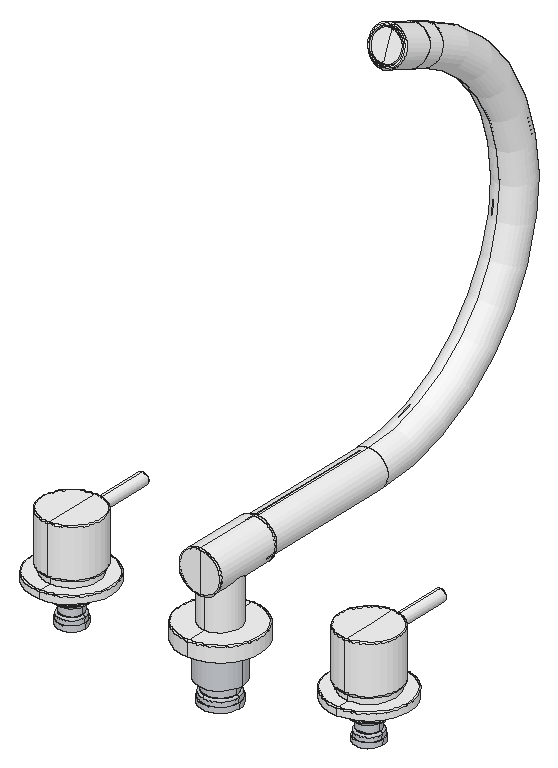
Revit family "Reece_Tap_Sussex_Scala_Curved_Wall Spa Set", category Plumbing Fixtures, host Face, Revit 2018
Family settings
  Host = Face
  Round Connector Dimension = Use Diameter
  Part Type = Normal
  Cut with Voids When Loaded = No
  Shared = Yes
  Room Calculation Point = Yes
Parameters (values of type "295 mm_Chrome")
  WFU = 0  # constant formula
  URL = "https://www.reece.com.au/product/-2261420"
  Type Comments = "Tap"
  Reece_Tap_Reach = 295 mm  # constant formula
  Reece_Tap_Inlet = 12 mm  # constant formula
  Reece_Tap_Height = 260 mm  # constant formula
  Reece_Tap_Handle_Vertical_Offset [instance] = 0 mm
  Reece_Tap_Handle_Spacing [instance] = if(Reece_Tap_Axis Distance < 70 mm, 70 mm, if(Reece_Tap_Axis Distance > 70 mm, Reece_Tap_Axis Distance, Reece_Tap_Axis Distance))  # 100 mm
  Reece_Tap_Handle_Height = 43 mm  # constant formula
  Reece_Tap_Clearance = 140 mm  # constant formula
  Reece_Tap_Axis Distance [instance] = 100 mm
  Reece_Product_Web Page = "https://www.reece.com.au/product/-2261420"
  Reece_Product_Type = "Tap"  # constant formula
  Reece_Product_Sub Brand = "Scala"  # constant formula
  Reece_Product_Number = "2261420"
  Reece_Product_Mount = "Wall Mounted"
  Reece_Product_Description = "Sussex Scala Wall Spa Set Curved Chrome"
  Reece_Product_Brand = "Sussex"  # constant formula
  Reece_Overall_Height = 287 mm  # constant formula
  Reece_Material_Main = Reece_Brass_Chrome
  Reece_Detail_Shape = "Curved"  # constant formula
  Reece_Detail_Disclaimer = "THIS FILE IS THE PROPERTY OF THE REECE GROUP. IT MAY NOT BE REPRODUCED, REVERSE-ENGINEERED OR MODIFIED. ANY REPUBLICATION, TRANSMISSION OR DISTRIBUTION FOR THE PURPOSE OF COMMERCIALLY EXPLOITING THE FILES IS PROHIBITED."  # constant formula
  Reece_Detail_Additional = "Wall Spa Set"  # constant formula
  Reece_Backplate_Thickness = 5 mm  # constant formula
  Model = "Scala"
  Manufacturer = "Sussex"
  Keynote = "Product #2261420, Reece_Tap_Sussex_Scala_Curved_Wall Spa Set - 295 mm_Chrome"
  HWFU = 0  # constant formula
  Disclaimer = "THIS FILE IS THE PROPERTY OF THE REECE GROUP. IT MAY NOT BE REPRODUCED, REVERSE-ENGINEERED OR MODIFIED. ANY REPUBLICATION, TRANSMISSION OR DISTRIBUTION FOR THE PURPOSE OF COMMERCIALLY EXPLOITING THE FILES IS PROHIBITED."  # constant formula
  Description = "Scala Wall Spa Set Curved Chrome"
  Default Elevation = 1000 mm
  CWFU = 0  # constant formula
Types (2, lengths in mm): name | URL | Reece_Product_Web Page | Reece_Product_Number | Reece_Product_Description | Reece_Material_Main | Keynote | Description
  295 mm_PVD Brushed Platinum Gold | "https://www.reece.com.au/product/-2268285" | "https://www.reece.com.au/product/-2268285" | "2268285" | "Sussex Scala Wall Spa Set Curved LUX PVD Brushed Platinum Gold" | Reece_PVD_Brushed_Platinum Gold | "Product #2268285, Reece_Tap_Sussex_Scala_Curved_Wall Spa Set - 295 mm_PVD Brushed Platinum Gold" | "Scala Wall Spa Set Curved LUX PVD Brushed Platinum Gold"
  295 mm_Chrome | "https://www.reece.com.au/product/-2261420" | "https://www.reece.com.au/product/-2261420" | "2261420" | "Sussex Scala Wall Spa Set Curved Chrome" | Reece_Brass_Chrome | "Product #2261420, Reece_Tap_Sussex_Scala_Curved_Wall Spa Set - 295 mm_Chrome" | "Scala Wall Spa Set Curved Chrome"
Reference planes
  plane 1 "Center (Front/Back)": y = 0
  plane 2 "Bottom": z = 0
  plane 3 "Center (Left/Right)": x = 0
  plane 4: x = 100
  plane 5: x = -100
  plane 6: z = 43
  plane 7: x = -73
  plane 8: x = -127
  plane 9: y = 60
  plane 10: x = -27
  plane 11: x = 27
  plane 12: x = -16
  plane 13: x = 16
  plane 14: z = 47
  plane 15: y = 260
  plane 16: y = -27
  plane 17: z = 295
  plane 18: y = 140
  plane 19: y = 0
  plane 20: z = 5
Forms (mm)
  Revolve 1, solid, material "Reece_Brass_Chrome" <- "Reece_Material_Main"
    sketch origin (0, 0, 0) x (0, 1, 0) y (0, 0, 1)
      loop
        line (0, 0) -> (0, 47) -> (-12.7, 47) -> (-12.7, 10) -> (-26.4, 10)
        arc (-26.4, 10) -> (-26.824, 9.824) -> (-27, 9.4) r 0.6
        line (-27, 9.4) -> (-27, 0) -> (0, 0)
      axis (0, 47) -> (0, 0)
    angle from 0 to 360
  Revolve 2, solid
    sketch origin (28.901, 0, 1219.2) x (1, 0, 0) y (0, 0, 1)
      loop
        line (-130.291, -1249.229) -> (-128.901, -1249.229) -> (-128.901, -1219.2) -> (-140.374, -1219.2) -> (-140.374, -1222.813) -> (-139.398, -1223.187) -> (-139.398, -1223.987) -> (-140.37, -1224.549) -> (-139.398, -1225.023) -> (-139.398, -1225.823) -> (-140.359, -1226.378) -> (-139.398, -1226.846) -> (-139.398, -1227.646) -> (-140.366, -1228.205) -> (-139.398, -1228.616) -> (-139.398, -1229.416) -> (-140.275, -1229.923) -> (-139.166, -1231.032) -> (-136.181, -1231.032) -> (-136.181, -1237.729) -> (-135.615, -1238.294) -> (-136.415, -1238.294)
        arc (-136.415, -1238.294) -> (-137.255, -1238.642) -> (-137.603, -1239.482) r 1.188
        line (-137.603, -1239.482) -> (-137.603, -1242.245) -> (-138.403, -1242.245) -> (-138.403, -1245.49) -> (-132.464, -1245.49) -> (-130.291, -1249.229)
      axis (-128.901, -1219.2) -> (-128.901, -1249.229)
    angle from 0 to 360
  Revolve 3, solid
    sketch origin (168.901, 0, 1219.2) x (1, 0, 0) y (0, 0, 1)
      loop
        line (-70.291, -1249.229) -> (-68.901, -1249.229) -> (-68.901, -1219.2) -> (-80.374, -1219.2) -> (-80.374, -1222.813) -> (-79.398, -1223.187) -> (-79.398, -1223.987) -> (-80.37, -1224.549) -> (-79.398, -1225.023) -> (-79.398, -1225.823) -> (-80.359, -1226.378) -> (-79.398, -1226.846) -> (-79.398, -1227.646) -> (-80.366, -1228.205) -> (-79.398, -1228.616) -> (-79.398, -1229.416) -> (-80.275, -1229.923) -> (-79.166, -1231.032) -> (-76.181, -1231.032) -> (-76.181, -1237.729) -> (-75.615, -1238.294) -> (-76.415, -1238.294)
        arc (-76.415, -1238.294) -> (-77.255, -1238.642) -> (-77.603, -1239.482) r 1.188
        line (-77.603, -1239.482) -> (-77.603, -1242.245) -> (-78.403, -1242.245) -> (-78.403, -1245.49) -> (-72.464, -1245.49) -> (-70.291, -1249.229)
      axis (-68.901, -1219.2) -> (-68.901, -1249.229)
    angle from 0 to 360
  Revolve 4, void
    sketch origin (100, 0, 0) x (1, 0, 0) y (0, 0, 1)
      loop
        line (-100, 0) -> (-100, -25) -> (-81.5, -25) -> (-81.5, 0) -> (-100, 0)
      axis (-100, 0) -> (-100, -25)
    angle from 0 to 360
  Revolve 5, solid
    sketch origin (128.901, 0, 1219.2) x (1, 0, 0) y (0, 0, 1)
      loop
        line (-130.291, -1261.136) -> (-128.901, -1261.136) -> (-128.901, -1219.2) -> (-143.874, -1219.2) -> (-143.874, -1242.939) -> (-139.681, -1242.939) -> (-139.681, -1249.636) -> (-139.115, -1250.202) -> (-139.915, -1250.202)
        arc (-139.915, -1250.202) -> (-140.755, -1250.55) -> (-141.103, -1251.39) r 1.188
        line (-141.103, -1251.39) -> (-141.103, -1254.152) -> (-141.903, -1254.152) -> (-141.903, -1257.398) -> (-132.464, -1257.398) -> (-130.291, -1261.136)
      axis (-128.901, -1219.2) -> (-128.901, -1261.136)
    angle from 0 to 360
  Extrusion 6, void
    sketch origin (0, 60, 0) x (1, 0, 0) y (0, 1, 0)
      loop
        circle (-100, -60.278) r 15
    from -46.469 to 0
  Extrusion 7, void
    sketch origin (0, -20, 0) x (-1, 0, 0) y (0, -1, 0)
      loop
        circle (-100, -20) r 15
    from -46.469 to 0
  Revolve 8, solid, material "Reece_Brass_Chrome" <- "Reece_Material_Main"
    sketch origin (0, 0, 0) x (0, 1, 0) y (0, 0, 1)
      loop
        line (28.3, 47) -> (31.1, 47) -> (31.1, 59.541)
        arc (31.1, 59.541) -> (29.902, 60.684) -> (28.3, 61.1) r 3.294
        line (28.3, 61.1) -> (-16.7, 61.1)
        arc (-16.7, 61.1) -> (-17.054, 60.954) -> (-17.2, 60.6) r 0.5
        line (-17.2, 60.6) -> (-17.2, 47) -> (28.3, 47)
      axis (31.1, 47) -> (-17.2, 47)
    angle from 0 to 360
  Sweep 9, solid, material "Reece_Brass_Chrome" <- "Reece_Material_Main"
    path origin (0, -13.906, 0) x (0, 1, 0) y (0, 0, 1)
      loop
        line (28.3, 47) -> (139.02, 47)
        arc (139.02, 47) -> (258.975, 145.883) -> (184.797, 282.502) r 122.2
        line (184.797, 282.502) -> (174.035, 286.85)
    profile origin (0, 69.754, 47) x (0, 0, 1) y (1, 0, 0)
      loop
        circle (0, 0) r 12.5
      loop
        circle (0, 0) r 10.5
  Revolve 10, solid, material "Reece_Brass_Chrome" <- "Reece_Material_Main"
    sketch origin (0, -62.176, 121.054) x (0, 0.927184, -0.374607) y (0, 0.374607, 0.927184)
      loop
        line (144.834, 237) -> (144.834, 248.719) -> (143.3, 248.719) -> (143.3, 249.5) -> (122.8, 249.5)
        arc (122.8, 249.5) -> (122.446, 249.354) -> (122.3, 249) r 0.5
        line (122.3, 249) -> (122.3, 248) -> (123.488, 248) -> (123.488, 247.15) -> (122.3, 246.94) -> (122.3, 237) -> (144.834, 237)
      axis (144.834, 237) -> (122.3, 237)
    angle from 0 to 360
Cuts and joins
  joined: Revolve 1, Revolve 8
  Revolve 4, Extrusion 7 cuts Revolve 2
Text (mm)
  text "Reece Copyright © 2018, Reece Ltd." at (-168.326, -191.773, 0), in view "Ref. Level"
  text "Reece ©" at (44.384, 258.95, 192.345), in view "Reece Preview"
Dimensions and locks
  equal spacing: plane 5, plane 3 "Center (Left/Right)", plane 4
  plane 5 to plane 4 = 200 mm
  "Reece_Tap_Handle_Height": plane 6 to plane 2 "Bottom"
  plane 6 to host face = 43 mm
  plane 8 to plane 7 = 54 mm
  equal spacing: plane 8, plane 5, plane 7
  plane 10 to plane 11 = 54 mm
  "Reece_Tap_Axis Distance": plane 5 to plane 3 "Center (Left/Right)"
  "Reece_Tap_Axis Distance": plane 3 "Center (Left/Right)" to plane 4
  plane 12 to plane 13 = 32 mm
  "Reece_Tap_Height": plane 15 to plane 1 "Center (Front/Back)"
  "Reece_Tap_Reach": plane 17 to plane 2 "Bottom"
  "Reece_Tap_Clearance": plane 18 to plane 1 "Center (Front/Back)"
  "Reece_Overall_Height": plane 15 to plane 16
  "Reece_Tap_Handle_Vertical_Offset": plane 1 "Center (Front/Back)" to plane 19
  "Reece_Backplate_Thickness": plane 20 to plane 2 "Bottom"
  aligned and locked: plane 2 "Bottom" to host face
  aligned and locked: level to host face
  aligned and locked: nested 1 to plane 5
  aligned and locked: plane 4 to nested 2  (x2)
  aligned and locked: plane 5 to Revolve 2 sketch curve
  aligned and locked: Revolve 3 sketch curve to plane 4
  aligned and locked: nested 1 to plane 19
  aligned and locked: nested 2 to plane 19
  aligned and locked: plane 19 to cut or joined group of Revolve 2, Revolve 4, Extrusion 7
  aligned and locked: plane 19 to Revolve 3
Automatic sketch dimensions
  host sketch curve to host sketch curve = 377.667 mm
  host sketch curve to host sketch curve = 290.188 mm
  level to Revolve 1 sketch curve = 0 mm
  Revolve 1 sketch curve to plane 16 = 0 mm
  Revolve 1 sketch curve to plane 14 = 0 mm
  Revolve 1 sketch curve to plane 1 "Center (Front/Back)" = 0 mm  (x2)
  Revolve 1 sketch curve to Revolve 1 sketch curve = 0.6 mm
  plane 1 "Center (Front/Back)" to Revolve 1 sketch curve = 12.7 mm
  Revolve 1 sketch curve to Revolve 1 sketch curve = 9.4 mm
  Revolve 1 sketch curve to level = 12.434 mm
  Revolve 1 sketch curve to Revolve 1 sketch curve = 2.566 mm
  Revolve 2 sketch curve to level = 0 mm
  plane 5 to Revolve 2 sketch curve = 0 mm
  plane 5 to Revolve 2 sketch curve = 1.39 mm
  plane 5 to Revolve 2 sketch curve = 3.563 mm
  plane 5 to Revolve 2 sketch curve = 6.714 mm
  plane 5 to Revolve 2 sketch curve = 7.28 mm
  Revolve 2 sketch curve to Revolve 2 sketch curve = 0.8 mm  (x6)
  Revolve 2 sketch curve to Revolve 2 sketch curve = 1.188 mm
  Revolve 2 sketch curve to Revolve 2 sketch curve = 2.986 mm
  Revolve 2 sketch curve to Revolve 2 sketch curve = 0.231 mm  (x2)
  Revolve 2 sketch curve to Revolve 2 sketch curve = 0 mm  (x2)
  Revolve 2 sketch curve to level = 3.987 mm
  Revolve 2 sketch curve to Revolve 2 sketch curve = 0.878 mm
  Revolve 2 sketch curve to Revolve 2 sketch curve = 0.961 mm
  Revolve 2 sketch curve to Revolve 2 sketch curve = 0.968 mm
  Revolve 2 sketch curve to level = 5.349 mm
  Revolve 2 sketch curve to Revolve 2 sketch curve = 0.972 mm
  Revolve 2 sketch curve to level = 3.612 mm
  Revolve 2 sketch curve to Revolve 2 sketch curve = 0.977 mm
  Revolve 2 sketch curve to Revolve 2 sketch curve = 0.474 mm
  Revolve 2 sketch curve to Revolve 2 sketch curve = 0.555 mm
  Revolve 2 sketch curve to Revolve 2 sketch curve = 1.023 mm
  Revolve 2 sketch curve to Revolve 2 sketch curve = 0.559 mm
  Revolve 2 sketch curve to Revolve 2 sketch curve = 0.97 mm
  Revolve 2 sketch curve to Revolve 2 sketch curve = 0.507 mm
  Revolve 2 sketch curve to Revolve 2 sketch curve = 1.615 mm
  Revolve 2 sketch curve to Revolve 2 sketch curve = 6.697 mm
  Revolve 2 sketch curve to Revolve 2 sketch curve = 0.566 mm
  Revolve 2 sketch curve to Revolve 2 sketch curve = 2.762 mm
  Revolve 2 sketch curve to Revolve 2 sketch curve = 3.246 mm
  Revolve 2 sketch curve to Revolve 2 sketch curve = 3.739 mm
  Revolve 2 sketch curve to Revolve 2 sketch curve = 7.488 mm
  level to Revolve 2 sketch curve = 8.93 mm
  Revolve 3 sketch curve to level = 0 mm
  plane 4 to Revolve 3 sketch curve = 0 mm
  Revolve 3 sketch curve to Revolve 3 sketch curve = 1.39 mm
  Revolve 3 sketch curve to plane 4 = 3.563 mm
  Revolve 3 sketch curve to plane 4 = 6.714 mm
  Revolve 3 sketch curve to plane 4 = 7.28 mm
  Revolve 3 sketch curve to Revolve 3 sketch curve = 0.8 mm  (x6)
  Revolve 3 sketch curve to Revolve 3 sketch curve = 1.188 mm
  Revolve 3 sketch curve to Revolve 3 sketch curve = 2.986 mm
  Revolve 3 sketch curve to Revolve 3 sketch curve = 0.231 mm  (x2)
  Revolve 3 sketch curve to Revolve 3 sketch curve = 0 mm  (x2)
  Revolve 3 sketch curve to level = 3.987 mm
  Revolve 3 sketch curve to Revolve 3 sketch curve = 0.878 mm
  Revolve 3 sketch curve to Revolve 3 sketch curve = 0.961 mm
  Revolve 3 sketch curve to Revolve 3 sketch curve = 0.968 mm
  Revolve 3 sketch curve to level = 5.349 mm
  Revolve 3 sketch curve to Revolve 3 sketch curve = 0.972 mm
  Revolve 3 sketch curve to level = 3.612 mm
  Revolve 3 sketch curve to Revolve 3 sketch curve = 0.977 mm
  Revolve 3 sketch curve to Revolve 3 sketch curve = 0.474 mm
  Revolve 3 sketch curve to Revolve 3 sketch curve = 0.555 mm
  Revolve 3 sketch curve to Revolve 3 sketch curve = 1.023 mm
  Revolve 3 sketch curve to Revolve 3 sketch curve = 0.559 mm
  Revolve 3 sketch curve to Revolve 3 sketch curve = 0.97 mm
  Revolve 3 sketch curve to Revolve 3 sketch curve = 0.507 mm
  Revolve 3 sketch curve to Revolve 3 sketch curve = 1.615 mm
  Revolve 3 sketch curve to Revolve 3 sketch curve = 6.697 mm
  Revolve 3 sketch curve to Revolve 3 sketch curve = 0.566 mm
  Revolve 3 sketch curve to Revolve 3 sketch curve = 2.762 mm
  Revolve 3 sketch curve to Revolve 3 sketch curve = 3.246 mm
  Revolve 3 sketch curve to Revolve 3 sketch curve = 3.739 mm
  Revolve 3 sketch curve to Revolve 3 sketch curve = 7.488 mm
  level to Revolve 3 sketch curve = 8.93 mm
  Revolve 4 sketch curve to level = 0 mm
  Revolve 4 sketch curve to plane 3 "Center (Left/Right)" = 0 mm  (x2)
  plane 13 to Revolve 4 sketch curve = 2.5 mm
  Revolve 4 sketch curve to Revolve 4 sketch curve = 25 mm
  Revolve 4 sketch curve to Revolve 4 sketch curve = 10 mm
  Revolve 4 sketch curve to Revolve 4 sketch curve = 40 mm
  Revolve 5 sketch curve to level = 0 mm
  Revolve 5 sketch curve to plane 3 "Center (Left/Right)" = 0 mm  (x2)
  Revolve 5 sketch curve to Revolve 5 sketch curve = 1.39 mm
  Revolve 5 sketch curve to plane 3 "Center (Left/Right)" = 3.563 mm
  Revolve 5 sketch curve to plane 12 = 5.786 mm
  Revolve 5 sketch curve to Revolve 5 sketch curve = 0.566 mm  (x2)
  Revolve 5 sketch curve to Revolve 5 sketch curve = 0.8 mm  (x2)
  Revolve 5 sketch curve to Revolve 5 sketch curve = 1.188 mm
  Revolve 5 sketch curve to plane 12 = 1.027 mm
  Revolve 5 sketch curve to level = 23.739 mm
  Revolve 5 sketch curve to Revolve 5 sketch curve = 6.697 mm
  Revolve 5 sketch curve to Revolve 5 sketch curve = 2.762 mm
  Revolve 5 sketch curve to Revolve 5 sketch curve = 3.246 mm
  Revolve 5 sketch curve to Revolve 5 sketch curve = 3.739 mm
  Revolve 5 sketch curve to Revolve 5 sketch curve = 0.681 mm
  level to Revolve 5 sketch curve = 8.93 mm
  Revolve 8 sketch curve to plane 14 = 0 mm  (x2)
  plane 16 to Revolve 8 sketch curve = 9.8 mm
  Revolve 8 sketch curve to Revolve 8 sketch curve = 0.5 mm
  plane 14 to Revolve 8 sketch curve = 14.1 mm
  Revolve 8 sketch curve to plane 1 "Center (Front/Back)" = 28.3 mm
  Revolve 8 sketch curve to Revolve 8 sketch curve = 0 mm
  Revolve 8 sketch curve to Revolve 8 sketch curve = 2.8 mm
  Revolve 8 sketch curve to Revolve 8 sketch curve = 3.294 mm
  Revolve 8 sketch curve to Revolve 8 sketch curve = 2.352 mm
  Revolve 8 sketch curve to Revolve 8 sketch curve = 12.2 mm
  Sweep 9 sketch curve to Sweep 9 sketch curve = 0 mm  (x2)
  Sweep 9 sketch curve to profile plane = 0 mm  (x2)
  Sweep 9 sketch curve to plane 14 = 0 mm
  plane 18 to Sweep 9 sketch curve = 14.886 mm
  Sweep 9 sketch curve to plane 17 = 12.498 mm
  Sweep 9 sketch curve to plane 18 = 30.89 mm
  Sweep 9 sketch curve to plane 1 "Center (Front/Back)" = 14.394 mm
  Sweep 9 sketch curve to plane 17 = 8.15 mm
  Sweep 9 sketch curve to Sweep 9 sketch curve = 10.762 mm
  Extrusion 7 sketch curve to plane 4 = 0 mm
  Extrusion 7 sketch curve to plane 19 = 0 mm
  Extrusion 6 sketch curve to plane 5 = 0 mm
  Extrusion 6 sketch curve to plane 19 = 0.278 mm
  Revolve 10 sketch curve to plane 18 = 0 mm
  Revolve 10 sketch curve to plane 17 = 0.018 mm
  Revolve 10 sketch curve to Revolve 10 sketch curve = 0 mm  (x2)
  Revolve 10 sketch curve to Revolve 10 sketch curve = 0.5 mm
  Revolve 10 sketch curve to Revolve 10 sketch curve = 1.188 mm
  Revolve 10 sketch curve to Revolve 10 sketch curve = 19.812 mm
  Revolve 10 sketch curve to Revolve 10 sketch curve = 1.534 mm  (x2)
  Revolve 10 sketch curve to Revolve 10 sketch curve = 9.94 mm
  Revolve 10 sketch curve to Revolve 10 sketch curve = 0.209 mm
  Revolve 10 sketch curve to Revolve 10 sketch curve = 1.06 mm
  Revolve 10 sketch curve to Revolve 10 sketch curve = 1 mm
  Revolve 10 sketch curve to Revolve 10 sketch curve = 0.781 mm
  Revolve 10 sketch curve to Revolve 10 sketch curve = 6 mm
  radius of Sweep 9 sketch curve = 12.5 mm
  radius of Sweep 9 sketch curve = 10.5 mm
  radius of Extrusion 7 sketch curve = 15 mm
  radius of Extrusion 6 sketch curve = 15 mm
Nested families
  nested 1: "Reece_Tap_Sussex_Scala_Set_Mixer_Nested" at (-100, 0, 0), Reece_Material_Main <- "Reece_Material_Main", Reece_Backplate_Thickness <- "Reece_Backplate_Thickness", Reece_Tap_Handle_Height <- "Reece_Tap_Handle_Height", type "Reece_Tap_Sussex_Scala_Set_Mixer_Nested"
    with Reece_Tap_Handle_Height 43 mm, Reece_Material_Main Reece_Brass_Chrome, Reece_Backplate_Thickness 5 mm
  nested 2: "Reece_Tap_Sussex_Scala_Set_Mixer_Nested" at (100, 0, 0), Reece_Material_Main <- "Reece_Material_Main", Reece_Backplate_Thickness <- "Reece_Backplate_Thickness", Reece_Tap_Handle_Height <- "Reece_Tap_Handle_Height", type "Reece_Tap_Sussex_Scala_Set_Mixer_Nested"
    with Reece_Tap_Handle_Height 43 mm, Reece_Material_Main Reece_Brass_Chrome, Reece_Backplate_Thickness 5 mm
Connectors
  piping at (100, 0, -26.29), diameter 12, driven by "Reece_Tap_Inlet"
    settings: on Revolve 3, index 1, connector inside diameter 609.6 mm, connector length 0 mm, flow factor 0, pipe flow 0.0 L/s, pressure drop 0.0 Pa, fitting loss kfactor 0, connector angle 0.00°, fixture units 0, engagement length 0 mm, angle of deflection 0.00°, flow configuration 0, flow direction 1, fitting loss method 0, system type 29, joint type 0, gender type 0, connector reference index -1, connector utility 0, adjustable connector no, is connector primary yes, connector description ""
  piping at (0, 0, -38.198), diameter 12, driven by "Reece_Tap_Inlet"
    settings: on Revolve 5, index 2, connector inside diameter 609.6 mm, connector length 0 mm, flow factor 0, pipe flow 0.0 L/s, pressure drop 0.0 Pa, fitting loss kfactor 0, connector angle 0.00°, fixture units 0, engagement length 0 mm, angle of deflection 0.00°, flow configuration 0, flow direction 1, fitting loss method 0, system type 29, joint type 0, gender type 0, connector reference index -1, connector utility 0, adjustable connector no, is connector primary no, connector description ""
  piping at (-100, 0, -26.29), diameter 12, driven by "Reece_Tap_Inlet"
    settings: on cut or joined group of Revolve 2, Revolve 4, Extrusion 7, index 3, connector inside diameter 609.6 mm, connector length 0 mm, flow factor 0, pipe flow 0.0 L/s, pressure drop 0.0 Pa, fitting loss kfactor 0, connector angle 0.00°, fixture units 0, engagement length 0 mm, angle of deflection 0.00°, flow configuration 0, flow direction 1, fitting loss method 0, system type 29, joint type 0, gender type 0, connector reference index -1, connector utility 0, adjustable connector no, is connector primary no, connector description ""
Definition of nested family "Reece_Tap_Sussex_Scala_Set_Mixer_Nested"
  Parameters (values of type "Reece_Tap_Sussex_Scala_Set_Mixer_Nested")
    Waste Connection = no
    WFU = 0
    Vent Connection = no
    URL = ""
    Type Comments = ""
    Reece_Tap_Handle_Height [instance] = 45 mm
    Reece_Material_Main [instance] = none
    Reece_Backplate_Thickness [instance] = 3 mm
    Model = ""
    Manufacturer = ""
    Keynote = ""
    HWFU = 0
    HW Connection = no
    Description = ""
    Default Elevation = 0 mm
    Cost = 0
    CWFU = 0
    CW Connection = no
    Assembly Code = ""
  Reference planes
    plane 1 "Center (Front/Back)": y = 0
    plane 2 "Bottom": z = 0
    plane 3 "Center (Left/Right)": x = 0
    plane 4: y = -27
    plane 5: y = 27
    plane 6: y = -20
    plane 7: y = 20
    plane 8: z = 36.5
    plane 9: x = -27
    plane 10: x = 27
    plane 11: y = 60
    plane 12: z = 45
    plane 13: z = 3
  Forms (mm)
    Extrusion 1, solid
      sketch origin (619.2, -619.2, 0) x (1, 0, 0) y (0, 1, 0)
        loop
          line (-809.2, 779.2) -> (-809.2, 461.779) -> (-428.415, 461.779) -> (-428.415, 779.2) -> (-809.2, 779.2)
      from 0 to -9.564
    Revolve 2, solid, material <- "Reece_Material_Main"
      sketch origin (0, 0, 0) x (0, 1, 0) y (0, 0, 1)
        loop
          line (0, 0) -> (0, 45) -> (-19.5, 45)
          arc (-19.5, 45) -> (-19.854, 44.854) -> (-20, 44.5) r 0.5
          line (-20, 44.5) -> (-20, 8.5)
          arc (-20, 8.5) -> (-19.854, 8.146) -> (-19.5, 8) r 0.5
          line (-19.5, 8) -> (-17.75, 8) -> (-17.75, 3) -> (-26.5, 3)
          arc (-26.5, 3) -> (-26.854, 2.854) -> (-27, 2.5) r 0.5
          line (-27, 2.5) -> (-27, 0) -> (0, 0)
        axis (0, 45) -> (0, 0)
      angle from 0 to 360
    Revolve 3, solid, material <- "Reece_Material_Main"
      sketch origin (0, 0, 0) x (0, -1, 0) y (0, 0, -1)
        loop
          line (0, -36.5) -> (-60, -36.5) -> (-60, -40)
          arc (-60, -40) -> (-59.854, -40.354) -> (-59.5, -40.5) r 0.5
          line (-59.5, -40.5) -> (0, -40.5) -> (0, -36.5)
        axis (0, -36.5) -> (-60, -36.5)
      angle from 0 to 360
  Cuts and joins
    joined: Revolve 2, Revolve 3
  Text (mm)
    text "Reece Copyright © 2018, Reece Ltd." at (-1403.988, -1192.393, 0), in view "Ref. Level"
    text "Reece ©" at (44.384, 258.95, 192.345), in view "Reece Preview"
  Dimensions and locks
    locked: plane 12 to plane 8 at 8.5
    "Reece_Backplate_Thickness": plane 13 to plane 2 "Bottom"
    "Reece_Tap_Handle_Height": plane 12 to plane 2 "Bottom"
    plane 11 to plane 6 = 80 mm
    aligned and locked: plane 2 "Bottom" to Extrusion 1
    aligned and locked: level to Extrusion 1
    aligned and locked: Revolve 2 sketch curve to plane 12
    aligned and locked: plane 13 to Revolve 2 sketch curve
  Automatic sketch dimensions
    Extrusion 1 sketch curve to Extrusion 1 sketch curve = 380.785 mm
    Extrusion 1 sketch curve to Extrusion 1 sketch curve = 317.421 mm
    plane 8 to Revolve 3 sketch curve = 0 mm
    Revolve 3 sketch curve to plane 11 = 0 mm
    Revolve 3 sketch curve to plane 8 = 0 mm
    Revolve 3 sketch curve to plane 1 "Center (Front/Back)" = 0 mm
    plane 11 to Revolve 3 sketch curve = 0.5 mm
    plane 8 to Revolve 3 sketch curve = 3.5 mm
    Revolve 3 sketch curve to plane 1 "Center (Front/Back)" = 5 mm
    Revolve 3 sketch curve to Revolve 3 sketch curve = 5 mm
    level to Revolve 2 sketch curve = 0 mm
    Revolve 2 sketch curve to plane 4 = 0 mm
    Revolve 2 sketch curve to plane 6 = 0 mm
    Revolve 2 sketch curve to plane 1 "Center (Front/Back)" = 0 mm  (x2)
    plane 4 to Revolve 2 sketch curve = 0.5 mm
    Revolve 2 sketch curve to Revolve 2 sketch curve = 0.5 mm  (x2)
    Revolve 2 sketch curve to Revolve 2 sketch curve = 1.75 mm
    Revolve 2 sketch curve to Revolve 2 sketch curve = 5 mm
    Revolve 2 sketch curve to level = 20 mm
    plane 13 to Revolve 2 sketch curve = 10 mm
